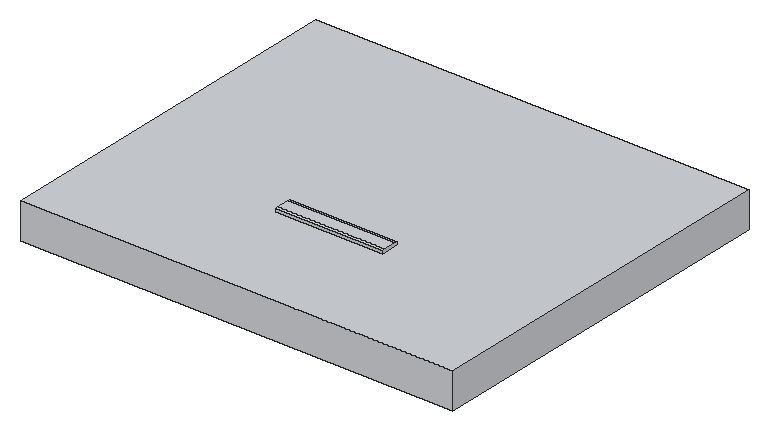
Revit family
Parameters
  TypicalJointSize = 0' - 0 1/4"
  StoneMaterial = none
  SlopeHeightB = 0' - 0 1/4"
  SlopeHeightA = 0' - 0 1/4"
  SlopeDepthB = 0' - 1"
  Width = 0' - 6"
  URL = "www.coldspringgranite.com"
  SlopeDepthA = 0' - 1"
  SettingSpace = SettingBed + Height  # 0' - 2"
  SettingBed = 0' - 0 13/16"
  Product Name = "Paving Stone Threshold with Slop on Two Sides"
  Product Documentation Link = "http://www.coldspringgranite.com/BIM_Families/Family_Detail/Paving_Stone_Threshold_with_Slope_on_two_sides/"
  PhoneNumber = "800-551-7502"
  Notes = ""
  Model = "N/A"
  Manufacturer = "Cold Spring Granite Company"
  Low Emitting Material = yes
  Low Emitting Finish = yes
  Location = "17482 Granite West Road, Cold Spring, MN 56320-4578"
  Length = 3' - 0"
  LEED Credit = ""
  Keynote = "096340"
  JointRightOff = no
  JointRight = if(JointRightOff, 0' 0", TypicalJointSize / 2)  # 0' - 0 1/8"
  JointLeftOff = no
  JointLeft = if(JointLeftOff, 0' 0", TypicalJointSize / 2)  # 0' - 0 1/8"
  Height = 0' - 1 3/16"
  Description = "Stone Floor Threshold Slope 2 Sides"
  Default Elevation = 0' - 0"
  Assembly Code = "C3020800"
Reference planes (in)
  plane 1 "Center (Front/Back)": y = 0
  plane 2: z = 0
  plane 3 "Center (Left/Right)": x = 0
  plane 4 "StoneBack": y = 6
  plane 5 "StoneRight": x = 35.875
  plane 6 "SlopeTopB": y = 5
  plane 7 "StoneLeft": x = 0.125
  plane 8 "SlopeTopA": y = 1
  plane 9 "JointRightCenter": x = 36
  plane 10 "StoneFace": z = 2
  plane 11 "StoneBottom": z = 0.8125
  plane 12 "SlopeBottomA": z = 1.75
  plane 13 "SlopeBottomB": z = 1.75
Forms (in)
  Extrusion 1, solid
    sketch origin (0, 0, 0) x (1, 0, 0) y (0, 1, 0)
      loop
        line (-56.5, 87.5) -> (-56.5, -35.87706) -> (88.18322, -35.87706) -> (88.18322, 87.5) -> (-56.5, 87.5)
    from 0 to -12
  Extrusion 2, solid, material <- "StoneMaterial", detail levels medium+fine
    sketch origin (0.125, 0, 0) x (0, 1, 0) y (0, 0, 1)
      loop
        line (6, 0.8125) -> (6, 1.75) -> (5, 2) -> (1, 2) -> (0, 1.75) -> (0, 0.8125) -> (6, 0.8125)
    from 0 to 35.75
  Extrusion 3, solid, material <- "StoneMaterial", detail levels coarse
    sketch origin (0, -0.25, 2) x (1, 0, 0) y (0, 1, 0)
      loop
        line (0, 6.25) -> (0, 0.25) -> (36, 0.25) -> (36, 6.25) -> (0, 6.25)
    from -1.1875 to 0
Lines and regions (in)
  Masking region 1, detail levels coarse
    outline origin (0, 0, 2) x (1, 0, 0) y (0, 1, 0)
      loop
        line (0, 6) -> (0, 0) -> (36, 0) -> (36, 6) -> (0, 6)
  Masking region 2, detail levels medium+fine
    outline origin (0, 0, 2) x (1, 0, 0) y (0, 1, 0)
      loop
        line (0.125, 6) -> (0.125, 0) -> (35.875, 0) -> (35.875, 6) -> (0.125, 6)
  Masking region 3, detail levels coarse
    outline origin (0.36506, 0, 0) x (1, 0, 0) y (0, 0, 1)
      loop
        line (-0.36506, 2) -> (-0.36506, 0.8125) -> (35.63494, 0.8125) -> (35.63494, 2) -> (-0.36506, 2)
  Masking region 4, detail levels medium+fine
    outline origin (1.125, 0, 0.75) x (1, 0, 0) y (0, 0, 1)
      loop
        line (-1, 1.25) -> (-1, 0.0625) -> (34.75, 0.0625) -> (34.75, 1.25) -> (-1, 1.25)
  Masking region 5, detail levels coarse
    outline origin (35.875, -0.69919, 1.35804) x (0, 1, 0) y (0, 0, 1)
      loop
        line (0.69919, 0.64196) -> (0.69919, -0.54554) -> (6.69919, -0.54554) -> (6.69919, 0.64196) -> (0.69919, 0.64196)
  Masking region 6, detail levels medium+fine
    outline origin (35.875, 0, 0) x (0, 1, 0) y (0, 0, 1)
      loop
        line (1, 2) -> (0, 1.75) -> (0, 0.8125) -> (6, 0.8125) -> (6, 1.75) -> (5, 2) -> (1, 2)
  symbolic lines, detail levels medium+fine
    curve 1: line (0.125, 5, 2) -> (35.875, 5, 2)
    curve 2: line (35.875, 1, 2) -> (0.125, 1, 2)
    curve 3: line (0.125, 0, 1.75) -> (35.875, 0, 1.75)
    curve 4: line (35.875, 6, 1.75) -> (0.125, 6, 1.75)
Dimensions and locks (in)
  "Width": plane 1 "Center (Front/Back)" to plane 4 "StoneBack"
  "Length": plane 3 "Center (Left/Right)" to plane 9 "JointRightCenter"
  "Height": plane 11 "StoneBottom" to plane 10 "StoneFace"
  "SettingSpace": plane 2 to plane 10 "StoneFace"
  "JointLeft": plane 3 "Center (Left/Right)" to plane 7 "StoneLeft"
  "JointRight": plane 5 "StoneRight" to plane 9 "JointRightCenter"
  "SlopeDepthA": plane 1 "Center (Front/Back)" to plane 8 "SlopeTopA"
  "SlopeDepthB": plane 6 "SlopeTopB" to plane 4 "StoneBack"
  "SlopeHeightA": plane 10 "StoneFace" to plane 12 "SlopeBottomA"
  "SlopeHeightB": plane 10 "StoneFace" to plane 13 "SlopeBottomB"
  aligned and locked: Extrusion 1 to plane 2
  aligned and locked: Extrusion 1 to level
  aligned and locked: plane 4 "StoneBack" to Extrusion 2 sketch curve  (x2)
  aligned and locked: plane 10 "StoneFace" to Extrusion 2 sketch curve  (x2)
  aligned and locked: plane 1 "Center (Front/Back)" to Extrusion 2 sketch curve
  aligned and locked: plane 11 "StoneBottom" to Extrusion 2 sketch curve
  aligned and locked: plane 13 "SlopeBottomB" to Extrusion 2 sketch curve
  aligned and locked: plane 6 "SlopeTopB" to Extrusion 2 sketch curve
  aligned and locked: plane 8 "SlopeTopA" to Extrusion 2 sketch curve
  aligned and locked: plane 12 "SlopeBottomA" to Extrusion 2 sketch curve
  aligned and locked: Extrusion 2 to plane 7 "StoneLeft"
  aligned and locked: plane 5 "StoneRight" to Extrusion 2
  aligned and locked: Extrusion 3 to plane 3 "Center (Left/Right)"
  aligned and locked: plane 9 "JointRightCenter" to Extrusion 3
  aligned and locked: plane 4 "StoneBack" to Extrusion 3
  aligned and locked: plane 1 "Center (Front/Back)" to Extrusion 3
  aligned and locked: Extrusion 3 to plane 11 "StoneBottom"
  aligned and locked: plane 10 "StoneFace" to Extrusion 3
  aligned and locked: plane 4 "StoneBack" to Masking region 1
  aligned and locked: plane 1 "Center (Front/Back)" to Masking region 1
  aligned and locked: Masking region 1 to plane 3 "Center (Left/Right)"
  aligned and locked: plane 9 "JointRightCenter" to Masking region 1
  aligned and locked: plane 4 "StoneBack" to Masking region 2
  aligned and locked: plane 1 "Center (Front/Back)" to Masking region 2
  aligned and locked: Masking region 2 to plane 7 "StoneLeft"
  aligned and locked: plane 5 "StoneRight" to Masking region 2
  aligned and locked: curve 1 to plane 6 "SlopeTopB"
  aligned and locked: curve 2 to plane 8 "SlopeTopA"
  aligned and locked: plane 10 "StoneFace" to Masking region 3
  aligned and locked: Masking region 3 to plane 3 "Center (Left/Right)"
  aligned and locked: plane 9 "JointRightCenter" to Masking region 3
  aligned and locked: Masking region 3 to plane 11 "StoneBottom"
  aligned and locked: plane 10 "StoneFace" to Masking region 4
  aligned and locked: Masking region 4 to plane 7 "StoneLeft"
  aligned and locked: plane 5 "StoneRight" to Masking region 4
  aligned and locked: Masking region 4 to plane 11 "StoneBottom"
  aligned and locked: plane 10 "StoneFace" to Masking region 5
  aligned and locked: plane 1 "Center (Front/Back)" to Masking region 5
  aligned and locked: plane 4 "StoneBack" to Masking region 5
  aligned and locked: Masking region 5 to plane 11 "StoneBottom"
  aligned and locked: Masking region 6 sketch curve to plane 10 "StoneFace"
  aligned and locked: Masking region 6 sketch curve to plane 1 "Center (Front/Back)"
  aligned and locked: Masking region 6 sketch curve to plane 11 "StoneBottom"
  aligned and locked: Masking region 6 sketch curve to plane 4 "StoneBack"
  aligned and locked: plane 8 "SlopeTopA" to Masking region 6 sketch curve
  aligned and locked: plane 12 "SlopeBottomA" to Masking region 6 sketch curve
  aligned and locked: plane 1 "Center (Front/Back)" to Masking region 6 sketch curve
  aligned and locked: plane 10 "StoneFace" to Masking region 6 sketch curve
  aligned and locked: plane 6 "SlopeTopB" to Masking region 6 sketch curve
  aligned and locked: plane 13 "SlopeBottomB" to Masking region 6 sketch curve
  aligned and locked: curve 3 to plane 12 "SlopeBottomA"
  aligned and locked: curve 4 to plane 13 "SlopeBottomB"
  aligned and locked: plane 7 "StoneLeft" to curve 1
  aligned and locked: plane 7 "StoneLeft" to curve 2
  aligned and locked: plane 5 "StoneRight" to curve 1
  aligned and locked: Extrusion 2 to curve 2
  aligned and locked: Extrusion 2 to curve 4
  aligned and locked: plane 7 "StoneLeft" to curve 4
  aligned and locked: plane 7 "StoneLeft" to curve 3
  aligned and locked: plane 5 "StoneRight" to curve 3
Automatic sketch dimensions
  Extrusion 1 sketch curve to Extrusion 1 sketch curve = 12' - 0.68322"
  Extrusion 1 sketch curve to Extrusion 1 sketch curve = 10' - 3.37706"
  Extrusion 3 sketch curve to plane 3 "Center (Left/Right)" = 0' - 0"
  plane 9 "JointRightCenter" to Extrusion 3 sketch curve = 0' - 0"
  plane 1 "Center (Front/Back)" to Extrusion 3 sketch curve = 0' - 0"
  plane 4 "StoneBack" to Extrusion 3 sketch curve = 0' - 0"
  Masking region 1 sketch curve to plane 3 "Center (Left/Right)" = 0' - 0"
  plane 9 "JointRightCenter" to Masking region 1 sketch curve = 0' - 0"
  plane 1 "Center (Front/Back)" to Masking region 1 sketch curve = 0' - 0"
  plane 4 "StoneBack" to Masking region 1 sketch curve = 0' - 0"
  plane 7 "StoneLeft" to Masking region 2 sketch curve = 0' - 0"
  plane 8 "SlopeTopA" to Masking region 2 sketch curve = 0' - 1"
  Masking region 2 sketch curve to plane 5 "StoneRight" = 0' - 0"
  plane 6 "SlopeTopB" to Masking region 2 sketch curve = 0' - 1"
  plane 3 "Center (Left/Right)" to Masking region 3 sketch curve = 0' - 0"
  plane 9 "JointRightCenter" to Masking region 3 sketch curve = 0' - 0"
  level to Masking region 3 sketch curve = 0' - 0 13/16"
  plane 10 "StoneFace" to Masking region 3 sketch curve = 0' - 0"
  plane 3 "Center (Left/Right)" to Masking region 4 sketch curve = 0' - 0 1/8"
  Masking region 4 sketch curve to plane 9 "JointRightCenter" = 0' - 0 1/8"
  level to Masking region 4 sketch curve = 0' - 0 13/16"
  plane 10 "StoneFace" to Masking region 4 sketch curve = 0' - 0"
  plane 1 "Center (Front/Back)" to Masking region 5 sketch curve = 0' - 0"
  plane 4 "StoneBack" to Masking region 5 sketch curve = 0' - 0"
  level to Masking region 5 sketch curve = 0' - 0 13/16"
  plane 10 "StoneFace" to Masking region 5 sketch curve = 0' - 0"
Nested families (in)
  nested 1: "CopyRight" at (0, 0, 2), type "CopyRight"
Definition of nested family "CopyRight"
  Parameters (values of type "CopyRight")
    CopyRight = "Cold Spring Granite Company"
  Reference planes (in)
    plane 1: z = 0
